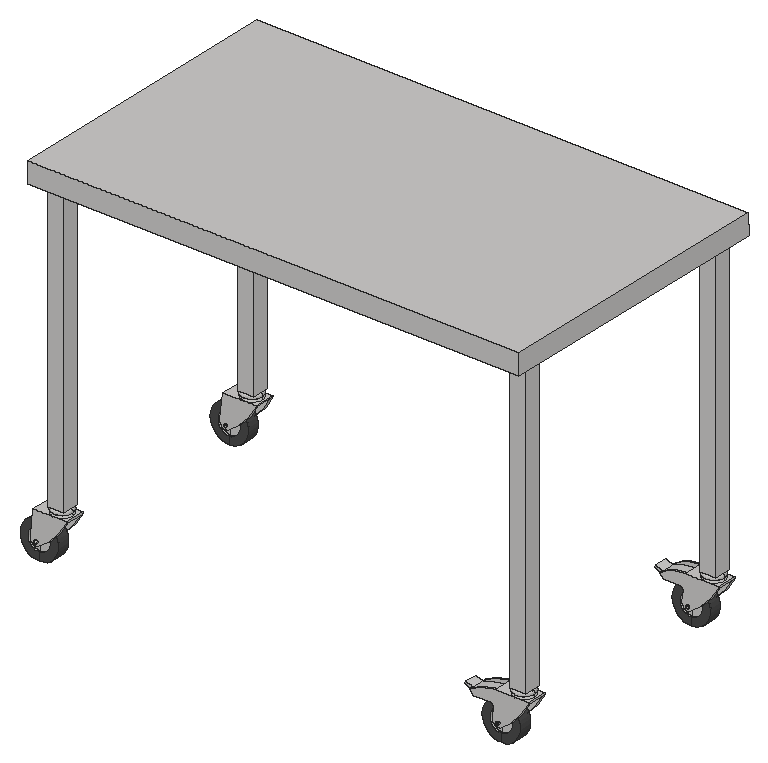
Revit family "QF_ZANUSSI_132837_WTD1207NR", category Attrezzature speciali, Revit 2020
Family settings
  Quota connettore circolare = Usa diametro
  Tipo di parte = Normale
  Basato su piano di lavoro = No
  Sempre verticale = Sì
  Taglio con vuoti quando caricato = No
  Condiviso = No
  Punto di calcolo locali = No
Parameters (values of type "Standard")
  Weight = 43.00 kg
  Watts = 0 W
  Volts = 0 V
  URL Manufacturer = "http://www.zanussiprofessional.com"
  URL = "http://www.zanussiprofessional.com"
  Steam Supply Size = 0 mm
  Steam Supply Minimum Pressure = 0.0 Pa
  Steam Supply Maximum Pressure = 0.0 Pa
  Steam Consumption per Hour = 0
  Refrigeration Suction Line Size = 0.0 mm
  Refrigeration Liquid Line Size = 0.0 mm
  Refrigerant Compressor Remote = yes
  Prospetto di default = 0.0 mm
  Produttore = "Zanussi"
  Phase = 0
  Modello = "WTD1207NR"
  Length Actual = 1200.0 mm  # constant formula
  Item Number = "132837"
  Hot Water Size = 0 mm
  Height Actual = 900.0 mm  # constant formula
  HP = "0 HP"
  Gas Size = 0 mm
  Gas KW = 0
  Gas Input Pressure = 0 W
  Direct Waste Size = 0 mm
  Descrizione = "WORK TABLE ON WHEELS 1200MM H900"
  Depth Actual = 700.0 mm  # constant formula
  Cycle = 0 Hz
  Condensate Return Size = 0 mm
  Compressed Air Volume = 0.0 L/s
  Compressed Air Size = 0 mm
  Compressed Air Pressure = 0.0 Pa
  Cold Water Size = 0 mm
  Accessory = yes
Reference planes
  plane 1 "Center (Front/Back)": y = 0
  plane 2: z = 0
  plane 3 "Center (Left/Right)": x = 0
  plane 4 "LEFT": x = -600
  plane 5 "RIGHT": x = 600
  plane 6 "BACK": y = 350
  plane 7 "FRONT": y = -350
  plane 8 "Base": z = 850
  plane 9 "TOP": z = 900
  plane 10: x = -564.5
  plane 11: x = 564.5
  plane 12: y = 290
  plane 13: y = -290
Forms (mm)
  Extrusion 1, solid, material "QF_Finishes_Stainless Steel"
    sketch origin (0, 0, 900) x (0, 1, 0) y (-1, 0, 0)
      loop
        line (350, 600) -> (-350, 600) -> (-350, -600) -> (350, -600) -> (350, 600)
    from 0 to -50
  Extrusion 2, solid, material "QF_Finishes_Stainless Steel"
    sketch origin (0, 0, 0) x (0, 1, 0) y (0, 0, 1)
      loop
        line (350, 900) -> (-350, 900) -> (-350, 850) -> (350, 850) -> (350, 900)
    from 600 to -600
Lines and regions (mm)
  symbolic lines
    curve 1: line (600, 350, 900) -> (-600, 350, 900)
    curve 2: line (-600, 350, 900) -> (-600, -350, 900)
    curve 3: line (-600, -350, 900) -> (600, -350, 900)
    curve 4: line (600, -350, 900) -> (600, 350, 900)
Dimensions and locks
  plane 4 "LEFT" to plane 5 "RIGHT" = 1200.0 mm
  equal spacing: plane 4 "LEFT", plane 3 "Center (Left/Right)", plane 5 "RIGHT"
  equal spacing: plane 6 "BACK", plane 1 "Center (Front/Back)", plane 7 "FRONT"
  plane 6 "BACK" to plane 7 "FRONT" = 700.0 mm
  plane 8 "Base" to level = 850.0 mm
  plane 9 "TOP" to level = 900.0 mm
  plane 6 "BACK" to plane 12 = 60.0 mm
  plane 13 to plane 7 "FRONT" = 60.0 mm
  plane 4 "LEFT" to plane 10 = 35.5 mm
  plane 11 to plane 5 "RIGHT" = 35.5 mm
  plane 10 to plane 11 = 1129.0 mm
  plane 12 to plane 13 = 580.0 mm
  aligned and locked: level to plane 2
  aligned and locked: plane 10 to nested 1
  aligned and locked: nested 1 to plane 13
  aligned and locked: plane 11 to nested 2
  aligned and locked: nested 2 to plane 13
  aligned and locked: plane 11 to nested 4
  aligned and locked: nested 4 to plane 12
  aligned and locked: plane 10 to nested 3
  aligned and locked: nested 3 to plane 12
  aligned and locked: Extrusion 1 sketch curve to plane 6 "BACK"
  aligned and locked: Extrusion 1 sketch curve to plane 4 "LEFT"
  aligned and locked: Extrusion 1 sketch curve to plane 7 "FRONT"
  aligned and locked: Extrusion 1 sketch curve to plane 5 "RIGHT"
  aligned and locked: plane 12 to nested 6
  aligned and locked: plane 11 to nested 6
  aligned and locked: plane 13 to nested 5
  aligned and locked: plane 10 to nested 5
  aligned and locked: plane 12 to nested 7
  aligned and locked: plane 10 to nested 7
  aligned and locked: plane 11 to nested 8
  aligned and locked: plane 13 to nested 8
  aligned and locked: Extrusion 2 sketch curve to plane 6 "BACK"
  aligned and locked: Extrusion 2 sketch curve to plane 9 "TOP"
  aligned and locked: plane 8 "Base" to Extrusion 2 sketch curve
  aligned and locked: plane 7 "FRONT" to Extrusion 2 sketch curve
  aligned and locked: Extrusion 2 to plane 4 "LEFT"
  aligned and locked: plane 5 "RIGHT" to Extrusion 2
  aligned and locked: plane 6 "BACK" to Extrusion 2
  aligned and locked: Extrusion 2 to plane 7 "FRONT"
Automatic sketch dimensions
  curve 2 to plane 4 "LEFT" = 0.0 mm
  curve 2 to plane 7 "FRONT" = 0.0 mm
  curve 2 to plane 6 "BACK" = 0.0 mm
  curve 1 to plane 5 "RIGHT" = 0.0 mm
Nested families
  nested 1: "FEET_40x40_WHEEL" at (-564.5, -290, 0), type "FEET_40x40_WHEEL"
  nested 2: "FEET_40x40_WHEEL" at (564.5, -290, 0), type "FEET_40x40_WHEEL"
  nested 3: "FEET_40x40_WHEEL" at (-564.5, 290, 0), type "FEET_40x40_WHEEL"
  nested 4: "FEET_40x40_WHEEL" at (564.5, 290, 0), type "FEET_40x40_WHEEL"
  nested 5: "WHEEL130" at (-564.5, -190.35, 0), type "WHEEL130"
    with Type Mark "", Status "", Specification by User "", Revision Code "", Installed By "", Identify Quantity as Lot yes, Furnished By "", Foodservice Equipment Identifier yes
  nested 6: "WHEEL130_LOCKED" at (564.5, 389.65, 0), type "WHEEL130_LOCKED"
    with Type Mark "", Status "", Specification by User "", Revision Code "", Installed By "", Identify Quantity as Lot yes, Furnished By "", Foodservice Equipment Identifier yes
  nested 7: "WHEEL130" at (-564.5, 389.65, 0), type "WHEEL130"
    with Type Mark "", Status "", Specification by User "", Revision Code "", Installed By "", Identify Quantity as Lot yes, Furnished By "", Foodservice Equipment Identifier yes
  nested 8: "WHEEL130_LOCKED" at (564.5, -190.35, 0), type "WHEEL130_LOCKED"
    with Type Mark "", Status "", Specification by User "", Revision Code "", Installed By "", Identify Quantity as Lot yes, Furnished By "", Foodservice Equipment Identifier yes
Definition of nested family "FEET_40x40_WHEEL"
  Parameters
    Default Elevation = 0.0 mm
    FEET = 850.0 mm
  Reference planes
    plane 1 "Center (Front/Back)": y = 0
    plane 2: z = 0
    plane 3 "Center (Left/Right)": x = 0
    plane 4: z = 850
  Forms (mm)
    Extrusion 1, solid
      sketch origin (0, 0, 0) x (1, 0, 0) y (0, 1, 0)
        loop
          line (-20, -20) -> (20, -20) -> (20, 20) -> (-20, 20) -> (-20, -20)
      from 130 to 845
    Extrusion 2, solid
      sketch origin (0, 0, 0) x (1, 0, 0) y (0, 1, 0)
        loop
          line (30, 30) -> (-30, 30) -> (-30, -30) -> (30, -30) -> (30, 30)
      from 845 to 850
  Lines and regions (mm)
    symbolic lines
      curve 1: line (0, -1.503, 0) -> (0, 1.508, 0)
      curve 2: line (1.561, 0, 0) -> (-1.439, 0, 0)
  Dimensions and locks
    "FEET": plane 4 to plane 2
    aligned and locked: level to plane 2
  Automatic sketch dimensions
    Extrusion 1 sketch curve to plane 3 "Center (Left/Right)" = 20.0 mm
    plane 3 "Center (Left/Right)" to Extrusion 1 sketch curve = 20.0 mm
    plane 1 "Center (Front/Back)" to Extrusion 1 sketch curve = 20.0 mm
    Extrusion 1 sketch curve to plane 1 "Center (Front/Back)" = 20.0 mm
    plane 3 "Center (Left/Right)" to Extrusion 2 sketch curve = 30.0 mm
    Extrusion 2 sketch curve to plane 1 "Center (Front/Back)" = 30.0 mm
    Extrusion 2 sketch curve to plane 3 "Center (Left/Right)" = 30.0 mm
    plane 1 "Center (Front/Back)" to Extrusion 2 sketch curve = 30.0 mm
    plane 1 "Center (Front/Back)" to curve 2 = 0.0 mm
    curve 1 to plane 3 "Center (Left/Right)" = 0.0 mm
    curve 2 to plane 3 "Center (Left/Right)" = 1.439 mm
    plane 3 "Center (Left/Right)" to curve 2 = 1.561 mm
    plane 1 "Center (Front/Back)" to curve 1 = 1.503 mm
    curve 1 to plane 1 "Center (Front/Back)" = 1.508 mm
Definition of nested family "WHEEL130"
  Parameters
    Weight = ""
    URL Manufacturer = ""
    URL Cutsheet = ""
    URL = ""
    Type Mark [instance] = ""
    Status [instance] = ""
    Specification by User [instance] = ""
    Specification by Manufacturer = ""
    Serial Number = ""
    Seismic Rating = ""
    SMACNA No = ""
    Revision Code [instance] = ""
    Default Elevation = 0.0 mm
    Omniclass Number and Title = ""
    NAFEM Spec ID Number = ""
    Model = ""
    MasterSpec. = ""
    Manufacturer = ""
    Installed By [instance] = ""
    Identify Quantity as Lot [instance] = yes
    Furnished By [instance] = ""
    Foodservice Equipment Identifier [instance] = yes
    Description = ""
    CSI MasterFormat = ""
    CSI Master Format = ""
    Assembly Code = ""
  Reference planes
    plane 1: z = 0
    plane 2 "Center (Front/Back)": y = -99.65
    plane 3 "Center (Left/Right)": x = 0
    plane 4 "TOP": z = 130
    plane 5 "Center X Caster": x = -44
  Forms (mm)
    Revolve 1, solid
      sketch origin (-44, -53.609, -25.504) x (0, -1, 0) y (0, 0, 1)
        loop
          line (26.04, 72.523) -> (26.04, 66.136) -> (35.372, 66.136) -> (35.372, 45.418) -> (31.533, 45.418) -> (31.533, 25.504) -> (60.548, 25.504) -> (60.548, 45.418) -> (56.709, 45.418) -> (56.709, 66.136) -> (66.04, 66.136) -> (66.04, 72.523) -> (26.04, 72.523)
        loop
          line (71.04, 69.259) -> (72.755, 69.259) -> (74.056, 70.56) -> (74.056, 72.523) -> (71.04, 72.523) -> (71.04, 69.259)
        loop
          line (21.099, 69.259) -> (21.099, 72.523) -> (18.053, 72.523) -> (18.053, 70.56) -> (19.353, 69.259) -> (21.099, 69.259)
        axis (18.053, 72.523) -> (74.056, 72.523)
      angle from 0 to 360
    Extrusion 2, solid
      sketch origin (0, -99.65, 0) x (-1, 0, 0) y (0, 0, 1)
        loop
          line (51.098, 117.019) -> (-30.875, 117.019) -> (-30.453, 113.093)
          arc (-30.453, 113.093) -> (-1.61, 71.515) -> (37.622, 39.556) r 180.858
          arc (37.622, 39.556) -> (51.933, 40.484) -> (57.92, 53.515) r 14
          line (57.92, 53.515) -> (51.098, 117.019)
        loop
          circle (44, 47.019) r 3.264
      from -20 to -25
    Extrusion 3, solid
      sketch origin (0, -99.65, 0) x (-1, 0, 0) y (0, 0, 1)
        loop
          line (51.098, 117.019) -> (-30.875, 117.019) -> (-30.453, 113.093)
          arc (-30.453, 113.093) -> (-1.61, 71.515) -> (37.622, 39.556) r 180.858
          arc (37.622, 39.556) -> (51.933, 40.484) -> (57.92, 53.515) r 14
          line (57.92, 53.515) -> (51.098, 117.019)
        loop
          circle (44, 47.019) r 3.264
      from 20 to 25
    Revolve 4, solid
      sketch origin (0, -99.65, 0) x (-1, 0, 0) y (0, 0, 1)
        loop
          line (0, 130) -> (-20, 130)
          arc (-20, 130) -> (-23.905, 128.171) -> (-25, 124) r 5.083
          line (-25, 124) -> (-22.422, 124) -> (-22.422, 121.88) -> (-24.688, 117.019) -> (0, 117.019) -> (0, 130)
        axis (0, 130) -> (0, 117.019)
      angle from 0 to 360
    Extrusion 5, solid
      sketch origin (0, -99.65, 0) x (-1, 0, 0) y (0, 0, 1)
        loop
          line (-30.875, 117.019) -> (-30.453, 113.093) -> (51.519, 113.093) -> (51.098, 117.019) -> (-30.875, 117.019)
      from -20 to 20
  Cuts and joins
    joined: Extrusion 2, Extrusion 3, Extrusion 5
  Lines and regions (mm)
    symbolic lines
      curve 1: line (-10, -99.65, 0) -> (10, -99.65, 0)
      curve 2: line (0, -108.445, 0) -> (0, -90.405, 0)
  Dimensions and locks
    plane 4 "TOP" to level = 130.0 mm  (x3)
    aligned and locked: level to plane 1
Definition of nested family "WHEEL130_LOCKED"
  Parameters
    Weight = ""
    URL Manufacturer = ""
    URL Cutsheet = ""
    URL = ""
    Type Mark [instance] = ""
    Status [instance] = ""
    Specification by User [instance] = ""
    Specification by Manufacturer = ""
    Serial Number = ""
    Seismic Rating = ""
    SMACNA No = ""
    Revision Code [instance] = ""
    Default Elevation = 0.0 mm
    Omniclass Number and Title = ""
    NAFEM Spec ID Number = ""
    Model = ""
    MasterSpec. = ""
    Manufacturer = ""
    Installed By [instance] = ""
    Identify Quantity as Lot [instance] = yes
    Furnished By [instance] = ""
    Foodservice Equipment Identifier [instance] = yes
    Description = ""
    CSI MasterFormat = ""
    CSI Master Format = ""
    Assembly Code = ""
  Reference planes
    plane 1: z = 0
    plane 2 "Center (Front/Back)": y = -99.65
    plane 3 "Center (Left/Right)": x = 0
    plane 4 "TOP": z = 130
    plane 5 "Center X Caster": x = -44
  Forms (mm)
    Revolve 1, solid
      sketch origin (-44, -53.609, -25.504) x (0, -1, 0) y (0, 0, 1)
        loop
          line (26.04, 72.523) -> (26.04, 66.136) -> (35.372, 66.136) -> (35.372, 45.418) -> (31.533, 45.418) -> (31.533, 25.504) -> (60.548, 25.504) -> (60.548, 45.418) -> (56.709, 45.418) -> (56.709, 66.136) -> (66.04, 66.136) -> (66.04, 72.523) -> (26.04, 72.523)
        loop
          line (71.04, 69.259) -> (72.755, 69.259) -> (74.056, 70.56) -> (74.056, 72.523) -> (71.04, 72.523) -> (71.04, 69.259)
        loop
          line (21.099, 69.259) -> (21.099, 72.523) -> (18.053, 72.523) -> (18.053, 70.56) -> (19.353, 69.259) -> (21.099, 69.259)
        axis (18.053, 72.523) -> (74.056, 72.523)
      angle from 0 to 360
    Extrusion 2, solid
      sketch origin (0, -99.65, 0) x (-1, 0, 0) y (0, 0, 1)
        loop
          line (56.125, 117.019) -> (-30.875, 117.019) -> (-30.453, 113.093)
          arc (-30.453, 113.093) -> (-1.61, 71.515) -> (37.622, 39.556) r 180.858
          arc (37.622, 39.556) -> (51.933, 40.484) -> (57.92, 53.515) r 14
          line (57.92, 53.515) -> (55.234, 78.516)
          arc (55.234, 78.516) -> (57.071, 84.203) -> (62.528, 86.637) r 7.337
          line (62.528, 86.637) -> (102.952, 86.637) -> (113.559, 97.243)
          arc (113.559, 97.243) -> (85.909, 110.231) -> (56.125, 117.019) r 142.32
        loop
          circle (44, 47.019) r 3.264
      from -20 to -25
    Extrusion 3, solid
      sketch origin (0, -99.65, 0) x (-1, 0, 0) y (0, 0, 1)
        loop
          line (56.125, 117.019) -> (-30.875, 117.019) -> (-30.453, 113.093)
          arc (-30.453, 113.093) -> (-1.61, 71.515) -> (37.622, 39.556) r 180.858
          arc (37.622, 39.556) -> (51.933, 40.484) -> (57.92, 53.515) r 14
          line (57.92, 53.515) -> (55.234, 78.516)
          arc (55.234, 78.516) -> (57.071, 84.203) -> (62.528, 86.637) r 7.337
          line (62.528, 86.637) -> (102.952, 86.637) -> (113.559, 97.243)
          arc (113.559, 97.243) -> (85.909, 110.231) -> (56.125, 117.019) r 142.32
        loop
          circle (44, 47.019) r 3.264
      from 20 to 25
    Extrusion 4, solid
      sketch origin (0, -99.65, 0) x (-1, 0, 0) y (0, 0, 1)
        loop
          line (133.012, 98.841) -> (130.309, 103.34) -> (113.559, 97.243)
          arc (113.559, 97.243) -> (84.897, 105.851) -> (55.427, 111.06) r 256.377
          line (55.427, 111.06) -> (44.82, 111.06)
          arc (44.82, 111.06) -> (37.781, 106.584) -> (38.85, 98.311) r 7.772
          line (38.85, 98.311) -> (105.452, 92.484) -> (114.112, 87.484) -> (133.012, 98.841)
        loop
          circle (44, 105.324) r 3.494
      from -14.507 to 14.507
    Extrusion 5, solid
      sketch origin (0, -99.65, 0) x (-1, 0, 0) y (0, 0, 1)
        loop
          circle (44, 105.324) r 3.494
      from -20 to 20
    Revolve 6, solid
      sketch origin (0, -99.65, 0) x (-1, 0, 0) y (0, 0, 1)
        loop
          line (0, 130) -> (-20, 130)
          arc (-20, 130) -> (-23.905, 128.171) -> (-25, 124) r 5.083
          line (-25, 124) -> (-22.422, 124) -> (-22.422, 121.88) -> (-24.688, 117.019) -> (0, 117.019) -> (0, 130)
        axis (0, 130) -> (0, 117.019)
      angle from 0 to 360
    Extrusion 7, solid
      sketch origin (0, -99.65, 0) x (-1, 0, 0) y (0, 0, 1)
        loop
          line (-30.875, 117.019) -> (-30.453, 113.093) -> (51.519, 113.093) -> (51.098, 117.019) -> (-30.875, 117.019)
      from -20 to 20
  Cuts and joins
    joined: Extrusion 2, Extrusion 3, Extrusion 7
  Lines and regions (mm)
    symbolic lines
      curve 1: line (11.908, -99.65, 0) -> (-11.403, -99.65, 0)
      curve 2: line (0, -111.652, 0) -> (0, -88.928, 0)
  Dimensions and locks
    plane 4 "TOP" to level = 130.0 mm  (x3)
    aligned and locked: level to plane 1
